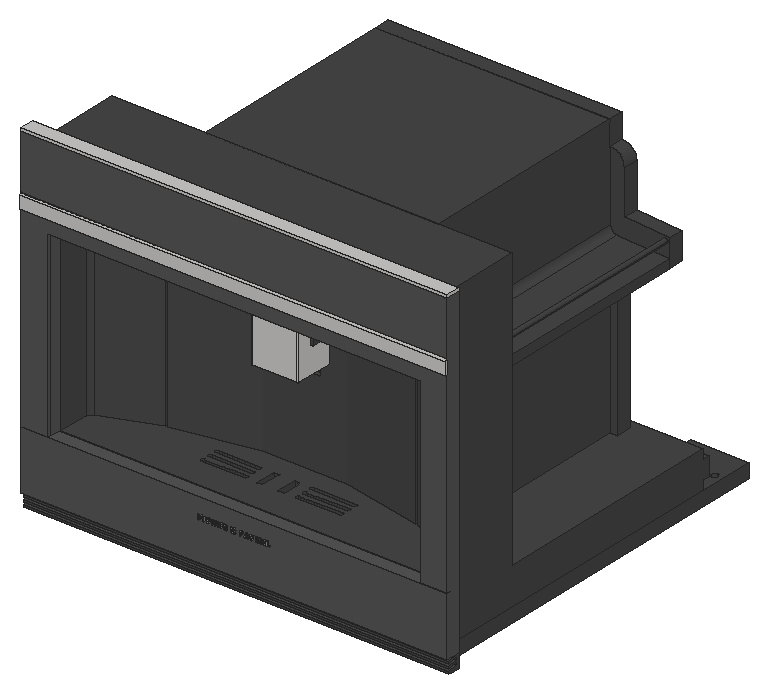
Revit family "FP_Revit_18_EB60DSXB2_w_TK480NDB1_Coffee_Maker_w_60cm_Trimkit_90000809A", category Specialty Equipment, Revit 2018
Family settings
  Round Connector Dimension = Use Diameter
  Part Type = Normal
  OmniClass Number = 23.40.40.14.17.31
  OmniClass Title = Small Specialized Cooking Equipment
  Work Plane-Based = No
  Always vertical = Yes
  Cut with Voids When Loaded = Yes
  Shared = No
  Room Calculation Point = No
Parameters (values of type "EB60DSXB2 + TK480NDB1")
  Visibility - Clearance Required = yes
  URL = "www.fisherpaykel.com"
  Product - Width = 596 mm  # constant formula
  Product - Height = 478 mm  # constant formula
  Product - Depth = 614 mm  # constant formula
  Model = "EB60DSXB2 + TK480NDB1"
  Material - Trim = Fisher & Paykel - Stainless Steel
  Material - Glass = Fisher & Paykel - Glass, Black
  Material - Body = Fisher & Paykel - Black
  Manufacturer = "Fisher & Paykel Appliances"
  FFL Offset [instance] = 900 mm
  Description = "60cm Coffee Maker + 60cm Trimkit"
  Connector Description - Electrical = "220-240 V, 50 Hz, 6.1 A"
  Chassis - Width = 560 mm  # constant formula
  Chassis - Height = 466 mm  # constant formula
  Chassis - Depth = 542 mm  # constant formula
  Cavity - Width = 560 mm  # constant formula
  Cavity - Height = 480 mm  # constant formula
  Cavity - Depth = 560 mm  # constant formula
Reference planes
  plane 1 "Datum": y = 0
  plane 2: z = 0
  plane 3 "Center (Left/Right)": x = 0
  plane 4: z = 1380
  plane 5: z = 1378
  plane 6 "Product LHS": x = -298
  plane 7 "Product RHS": x = 298
  plane 8 "Product - Depth": y = 0
  plane 9 "Cavity LHS": x = -300
  plane 10 "Cavity RHS": x = 300
  plane 11 "Cavity - Depth": y = 560
  plane 12 "Chassis - Height": z = 0
  plane 13 "Product Depth": y = 542
  plane 14 "FFL Offset": z = 900
  plane 15 "Front": y = -20
Forms (mm)
  Extrusion 1, void
    sketch origin (0, 0, 0) x (0, 1, 0) y (0, 0, 1)
      loop
        line (-20, 1380) -> (-20, 900) -> (0, 900) -> (0, 1380) -> (-20, 1380)
    from -300 to 300
  Extrusion 2, void
    sketch origin (0, 0, 0) x (0, 1, 0) y (0, 0, 1)
      loop
        line (560, 1380) -> (0, 1380) -> (0, 900) -> (560, 900) -> (560, 1380)
    from -280 to 280
Text (mm)
  text "Due to ongoing product development, product details are subject to change without notice. \nPlease always refer to www.fisherpaykel.com for the most current product information. \n© Fisher & Paykel 2020" at (41.04, -413.295, 0), in view "Ref. Level (Plan)"
Dimensions and locks
  equal spacing: plane 6 "Product LHS", plane 3 "Center (Left/Right)", plane 7 "Product RHS"
  "Product - Width": plane 6 "Product LHS" to plane 7 "Product RHS"
  equal spacing: plane 9 "Cavity LHS", plane 3 "Center (Left/Right)", plane 10 "Cavity RHS"
  locked: plane 9 "Cavity LHS" to plane 10 "Cavity RHS" at 600
  "Chassis - Depth": plane 1 "Datum" to plane 13 "Product Depth"
  "FFL Offset": plane 14 "FFL Offset" to level
  "Cavity - Depth": plane 1 "Datum" to plane 11 "Cavity - Depth"
  "Product - Height": plane 5 to plane 14 "FFL Offset"
  "Cavity - Height": plane 4 to plane 14 "FFL Offset"
  "Cavity - Width": Extrusion 2 to Extrusion 2
  aligned and locked: level to plane 2
  aligned and locked: nested 2 to plane 8 "Product - Depth"
  aligned and locked: Extrusion 1 sketch curve to plane 8 "Product - Depth"
  aligned and locked: plane 14 "FFL Offset" to Extrusion 1 sketch curve
  aligned and locked: Extrusion 1 sketch curve to plane 4
  aligned and locked: Extrusion 1 to plane 10 "Cavity RHS"
  aligned and locked: plane 9 "Cavity LHS" to Extrusion 1
  aligned and locked: Extrusion 2 sketch curve to plane 8 "Product - Depth"
  aligned and locked: Extrusion 2 sketch curve to plane 14 "FFL Offset"
  aligned and locked: plane 11 "Cavity - Depth" to Extrusion 2 sketch curve
  aligned and locked: Extrusion 2 sketch curve to nested 2
  aligned and locked: nested 1 to plane 8 "Product - Depth"
  aligned and locked: Extrusion 1 to nested 1
  aligned and locked: plane 15 "Front" to Extrusion 1
Automatic sketch dimensions
  Extrusion 1 sketch curve to Extrusion 1 sketch curve = 20 mm
Nested families
  nested 1: "FP_Revit_18_EB60DSXB2_Coffee_Maker_90000809A" at (0, 0, 20), FFL Offset <- "FFL Offset", type "EB60DSXB2"
    with FFL Offset 900 mm
  nested 2: "FP_Revit_18_TK480ND_Trimkits_90001188A" at (0, 0, 0), FFL Offset <- "FFL Offset", type "TK480NDB1"
    with FFL Offset 900 mm
Connectors
  electrical at (95.857, 430.81, 1063), driven by "Connector Description - Electrical"
    settings: on nested 1, index 1, voltage 230 V, apparent load 0 VA, apparent load phase1 0 VA, apparent load phase2 0 VA, apparent load phase3 0 VA, power factor 1, load classification "Other", number of poles 1, system type 30, power factor state 1, is connector primary yes, connector utility no, sub classification motor no, connector description "220-240 V, 50 Hz, 6.1 A"
Definition of nested family "FP_Revit_18_EB60DSXB2_Coffee_Maker_90000809A"
  Parameters (values of type "EB24DSXB1")
    Visibility - Clearance Required = yes
    URL = "www.fisherpaykel.com"
    Product - Width = 596 mm  # constant formula
    Product - Height = 458 mm  # constant formula
    Product - Depth = 480 mm  # constant formula
    Model = "EB24DSXB1"
    Material - Trim = none
    Material - Glass = none
    Material - Body = none
    Manufacturer = "Fisher & Paykel Appliances"
    FFL Offset [instance] = 860 mm
    Description = "24cm Coffee Maker"
    Connector Description - Electrical = "120 V, 60 Hz, 11.25 A"
    Chassis - Width = 560 mm  # constant formula
    Chassis - Height = 445 mm  # constant formula
    Chassis - Depth = 460 mm  # constant formula
    Cavity - Width = 600 mm  # constant formula
    Cavity - Height = 460 mm  # constant formula
    Cavity - Depth = 545 mm  # constant formula
  Types (4, lengths in mm): name | Model | Description | Connector Description - Electrical
    EB60DSXBB1 | "EB60DSXBB1" | "60cm Coffee Maker" | "220-240 V, 50 Hz, 6.1 A"
    EB60DSXB2 | "EB60DSXB2" | "60cm Coffee Maker" | "220-240 V, 50 Hz, 6.1 A"
    EB24DSXBB1 | "EB24DSXBB1" | "24cm Coffee Maker" | "120 V, 60 Hz, 11.25 A"
    EB24DSXB1 | "EB24DSXB1" | "24cm Coffee Maker" | "120 V, 60 Hz, 11.25 A"
  Reference planes
    plane 1 "Center (Front/Back)": y = 0
    plane 2: z = 0
    plane 3 "Center (Left/Right)": x = 0
    plane 4: z = 1320
    plane 5: z = 1318
    plane 6 "Product LHS": x = -298
    plane 7 "Product RHS": x = 298
    plane 8 "Cavity LHS": x = -300
    plane 9 "Cavity RHS": x = 300
    plane 10 "Cavity - Depth": y = 545
    plane 11 "Front Face": y = -20
    plane 12 "Product Depth": y = 460
    plane 13 "FFL Offset": z = 860
  Forms (mm)
    Extrusion 1, solid, material <- "Material - Glass", detail levels fine
      sketch origin (0, 0, 915) x (0, 1, 0) y (0, 0, 1)
        loop
          line (0, -54) -> (0, 400) -> (-18.19, 400)
          arc (-18.19, 400) -> (-19.179, 399.792) -> (-20, 399.202) r 2.451
          line (-20, 399.202) -> (-20, 28.9) -> (-13, 28.9) -> (-13, 27.85) -> (-20, 27.85) -> (-20, -54) -> (0, -54)
      from -298 to 298
    Extrusion 2, solid, material <- "Material - Trim", detail levels fine
      sketch origin (0, 0, 0) x (0, 1, 0) y (0, 0, 1)
        loop
          line (0, 1318) -> (-20, 1318) -> (-20, 1315) -> (0, 1315) -> (0, 1318)
      from -298 to 298
    Extrusion 3, solid, material <- "Material - Trim", detail levels fine
      sketch origin (0, 0, 915) x (0, 1, 0) y (0, 0, 1)
        loop
          line (-20, 303) -> (-20, 322.8) -> (-20.827, 322.8) -> (-21.702, 320.52) -> (-21.702, 303) -> (-20, 303)
      from -298 to 298
    Extrusion 4, solid, material <- "Material - Body"
      sketch origin (0, 0, 0) x (0, 1, 0) y (0, 0, 1)
        loop
          line (116.01, 911.9) -> (116.01, 1305) -> (0, 1305) -> (0, 860) -> (450.02, 860) -> (450.02, 872.9) -> (460, 872.9) -> (460, 898.96) -> (450.02, 898.96) -> (450.02, 911.9) -> (116.01, 911.9)
      from -280 to 280
    Extrusion 5, solid, material <- "Material - Body", detail levels fine
      sketch origin (0, 0, 915) x (1, 0, 0) y (0, 0, 1)
        loop
          circle (255.488, 264.858) r 3
        loop
          arc (187.564, 248.08) -> (180.801, 250.881) -> (178, 257.644) r 9.564
          line (178, 257.644) -> (178, 390) -> (-150, 390) -> (-150, 258.403)
          arc (-150, 258.403) -> (-152.821, 251.442) -> (-159.691, 248.408) r 10
          line (-159.691, 248.408) -> (-261.967, 245.247) -> (-261.967, 232.285) -> (-159.605, 228.24)
          arc (-159.605, 228.24) -> (-152.791, 225.178) -> (-150, 218.248) r 10
          line (-150, 218.248) -> (-150, -3.1) -> (178, -3.1) -> (178, 219.061)
          arc (178, 219.061) -> (180.801, 225.824) -> (187.564, 228.625) r 9.564
          line (187.564, 228.625) -> (261.48, 231.852) -> (261.48, 244.856) -> (187.564, 248.08)
        loop
          circle (-255.488, 265.27) r 3
      from -415.81 to -116.01
    Extrusion 6, solid, material <- "Material - Body", detail levels fine
      sketch origin (0, 0, 0) x (1, 0, 0) y (0, 0, 1)
        loop
          line (261.48, 1185.549) -> (197.977, 1189.414) -> (197.977, 1250.8)
          arc (197.977, 1250.8) -> (192.126, 1264.926) -> (178, 1270.777) r 19.977
          line (178, 1270.777) -> (178, 1305) -> (-150.023, 1305) -> (-150.023, 1270.366)
          arc (-150.023, 1270.366) -> (-164.149, 1264.514) -> (-170, 1250.389) r 19.977
          line (-170, 1250.389) -> (-170, 1189.558) -> (-261.967, 1185.943) -> (-261.967, 1147.299) -> (-170, 1143.699) -> (-170, 860) -> (-120, 860) -> (-120, 1262.538) -> (145.224, 1262.538) -> (145.224, 911.9) -> (188.072, 911.9) -> (188.072, 1143.699) -> (261.48, 1146.905) -> (261.48, 1185.549)
      from -436.81 to -415.81
    Extrusion 7, void
      sketch origin (0, 0, 0) x (1, 0, 0) y (0, 1, 0)
        loop
          line (-261, -20.25) -> (261, -20.25) -> (261, -16.15) -> (258.097, 43.307)
          arc (258.097, 43.307) -> (256.532, 47.844) -> (252.912, 50.994) r 9.287
          arc (252.912, 50.994) -> (215.2, 66.982) -> (176.484, 80.359) r 600.007
          line (176.484, 80.359) -> (176.484, 87.818) -> (173.853, 87.818) -> (173.853, 81.162)
          arc (173.853, 81.162) -> (0, 106.902) -> (-173.853, 81.162) r 600.007
          line (-173.853, 81.162) -> (-173.853, 87.818) -> (-176.484, 87.818) -> (-176.484, 80.359)
          arc (-176.484, 80.359) -> (-215.2, 66.982) -> (-252.912, 50.994) r 600.007
          arc (-252.912, 50.994) -> (-256.532, 47.844) -> (-258.097, 43.307) r 9.287
          line (-258.097, 43.307) -> (-261, -16.15) -> (-261, -20.25)
      from 942.8 to 1197.8
    Extrusion 8, void
      sketch origin (0, 0, 0) x (1, 0, 0) y (0, 1, 0)
        loop
          arc (-96.162, 73.7) -> (-99.162, 70.7) -> (-96.162, 67.7) r 3
          line (-96.162, 67.7) -> (-36.788, 67.7)
          arc (-36.788, 67.7) -> (-33.788, 70.7) -> (-36.788, 73.7) r 3
          line (-36.788, 73.7) -> (-96.162, 73.7)
        loop
          arc (-96.162, 61.7) -> (-99.162, 58.7) -> (-96.162, 55.7) r 3
          line (-96.162, 55.7) -> (-36.788, 55.7)
          arc (-36.788, 55.7) -> (-33.788, 58.7) -> (-36.788, 61.7) r 3
          line (-36.788, 61.7) -> (-96.162, 61.7)
        loop
          arc (-96.162, 49.7) -> (-99.162, 46.7) -> (-96.162, 43.7) r 3
          line (-96.162, 43.7) -> (-36.788, 43.7)
          arc (-36.788, 43.7) -> (-33.788, 46.7) -> (-36.788, 49.7) r 3
          line (-36.788, 49.7) -> (-96.162, 49.7)
        loop
          line (-19.49, 73.102) -> (-19.49, 44.102) -> (-10.49, 44.102) -> (-10.49, 73.102) -> (-19.49, 73.102)
        loop
          line (96.162, 73.7) -> (36.788, 73.7)
          arc (36.788, 73.7) -> (33.788, 70.7) -> (36.788, 67.7) r 3
          line (36.788, 67.7) -> (96.162, 67.7)
          arc (96.162, 67.7) -> (99.162, 70.7) -> (96.162, 73.7) r 3
        loop
          line (96.162, 61.7) -> (36.788, 61.7)
          arc (36.788, 61.7) -> (33.788, 58.7) -> (36.788, 55.7) r 3
          line (36.788, 55.7) -> (96.162, 55.7)
          arc (96.162, 55.7) -> (99.162, 58.7) -> (96.162, 61.7) r 3
        loop
          line (96.162, 49.7) -> (36.788, 49.7)
          arc (36.788, 49.7) -> (33.788, 46.7) -> (36.788, 43.7) r 3
          line (36.788, 43.7) -> (96.162, 43.7)
          arc (96.162, 43.7) -> (99.162, 46.7) -> (96.162, 49.7) r 3
        loop
          line (19.49, 73.102) -> (10.49, 73.102) -> (10.49, 44.102) -> (19.49, 44.102) -> (19.49, 73.102)
      from 932.9 to 942.8
    Extrusion 9, solid, material <- "Material - Body"
      sketch origin (0, 0, 0) x (1, 0, 0) y (0, 1, 0)
        loop
          line (-238.877, 57.3) -> (238.036, 57.3) -> (238.036, 116.01) -> (-238.877, 116.01) -> (-238.877, 57.3)
      from 1171.8 to 1197.8
    Extrusion 10, solid, material <- "Material - Trim"
      sketch origin (0, 0, 0) x (1, 0, 0) y (0, 1, 0)
        loop
          line (-33, 105.99) -> (-33, 52.807)
          arc (-33, 52.807) -> (-32.412, 51.388) -> (-30.993, 50.8) r 2.007
          line (-30.993, 50.8) -> (31, 50.8)
          arc (31, 50.8) -> (32.414, 51.386) -> (33, 52.8) r 2
          line (33, 52.8) -> (33, 105.99) -> (-33, 105.99)
      from 1083.8 to 1183.5
    Extrusion 11, void
      sketch origin (0, 0, 0) x (1, 0, 0) y (0, 0, 1)
        loop
          line (-19.5, 1083.8) -> (-19.5, 1061.827) -> (19.5, 1061.827) -> (19.5, 1083.8) -> (-19.5, 1083.8)
      from -115 to -105
    Extrusion 12, solid, material <- "Material - Body", detail levels fine
      sketch origin (0, 0, 0) x (1, 0, 0) y (0, 0, 1)
        loop
          line (45.9, 1172.885) -> (45.9, 1163.535) -> (47.549, 1163.535) -> (47.549, 1147.911)
          arc (47.549, 1147.911) -> (55.35, 1140.11) -> (63.15, 1147.911) r 7.801
          line (63.15, 1147.911) -> (63.15, 1163.235) -> (73.436, 1163.235) -> (73.436, 1172.885) -> (45.9, 1172.885)
      from -106.934 to -61.01
    Extrusion 13, solid, material <- "Material - Body", detail levels fine
      sketch origin (0, 0, 915) x (1, 0, 0) y (0, 0, 1)
        loop
          line (53.653, 257.885) -> (53.653, 225.297)
          arc (53.653, 225.297) -> (55.35, 225.11) -> (57.047, 225.297) r 7.805
          line (57.047, 225.297) -> (57.047, 257.885) -> (53.653, 257.885)
      from -61.01 to -47.51
    Extrusion 14, solid, material <- "Material - Body", detail levels fine
      sketch origin (0, 0, 915) x (1, 0, 0) y (0, 0, 1)
        loop
          line (115.224, 76.056) -> (75.224, 76.056) -> (75.224, 21.056) -> (115.224, 21.056) -> (115.224, 76.056)
      from -417 to -415.81
    Extrusion 15, solid, material <- "Material - Body", detail levels fine
      sketch origin (0, 0, 915) x (1, 0, 0) y (0, 0, 1)
        loop
          line (107.224, 68.056) -> (83.224, 68.056) -> (83.224, 29.056) -> (107.224, 29.056) -> (107.224, 68.056)
      from -436.81 to -417
    Extrusion 16, solid, material <- "Material - Body", detail levels fine
      sketch origin (0, 0, 0) x (1, 0, 0) y (0, 1, 0)
        loop
          circle (95.857, 430.81) r 5
      from 983.056 to 1003
    Extrusion 17, void
      sketch origin (0, 0, 915) x (0, 1, 0) y (0, 0, 1)
        loop
          line (445.9, -19.903) -> (0, -19.903) -> (0, -55) -> (445.9, -55) -> (445.9, -19.903)
      from -54 to 54
    Extrusion 18, solid, detail levels fine
      sketch origin (0, 0, 0) x (1, 0, 0) y (0, 1, 0)
        loop
          line (-210.55, 31.63) -> (-210.55, 5.8) -> (-193.27, 5.8) -> (-193.27, 31.63) -> (-210.55, 31.63)
        loop
          line (-203.25, 13.924) -> (-203.25, 14.725)
          arc (-203.25, 14.725) -> (-201.75, 22.856) -> (-200.25, 14.725) r 4.204
          line (-200.25, 14.725) -> (-200.25, 13.924)
          arc (-200.25, 13.924) -> (-201.75, 23.687) -> (-203.25, 13.924) r 4.997
        loop
          line (-202.15, 17.61) -> (-202.15, 12.8) -> (-201.35, 12.8) -> (-201.35, 17.61) -> (-202.15, 17.61)
      from 1196.9 to 1197.8
    Extrusion 19, solid, visible <- "Visibility - Clearance Required", detail levels coarse
      sketch origin (0, 0, 0) x (1, 0, 0) y (0, 1, 0)
        loop
          line (-300, 0) -> (-300, -20) -> (300, -20) -> (300, 0) -> (-300, 0)
      from 860 to 1320
    Extrusion 20, solid, visible <- "Visibility - Clearance Required", detail levels coarse
      sketch origin (0, 0, 0) x (1, 0, 0) y (0, 1, 0)
        loop
          line (-280, 0) -> (280, 0) -> (280, 545) -> (-280, 545) -> (-280, 0)
      from 860 to 1310
    Extrusion 21, solid, material <- "Material - Body", detail levels coarse+medium
      sketch origin (0, -20, 915) x (-1, 0, 0) y (0, 0, 1)
        loop
          line (-197.977, 274.414) -> (-261.48, 274.414) -> (-261.48, 228.699) -> (-188.072, 228.699) -> (-188.072, -3.1) -> (170, -3.1) -> (170, 228.699) -> (261.967, 228.699) -> (261.967, 274.558) -> (170, 274.558) -> (170, 390.05) -> (-197.977, 390.05) -> (-197.977, 274.414)
      from 136.01 to 456.81
    Extrusion 22, solid, material <- "Material - Glass", detail levels coarse+medium
      sketch origin (0, 0, 915) x (1, 0, 0) y (0, 0, 1)
        loop
          line (-298, -54) -> (298, -54) -> (298, 403) -> (-298, 403) -> (-298, -54)
        loop
          line (261, 282.85) -> (-261, 282.85) -> (-261, 27.85) -> (261, 27.85) -> (261, 282.85)
      from 0 to 20
    Extrusion 23, void
      sketch origin (0, 0, 0) x (1, 0, 0) y (0, 1, 0)
        loop
          line (-280, 545) -> (-280, 0) -> (280, 0) -> (280, 545) -> (-280, 545)
      from 860 to 1310
    Extrusion 24, void
      sketch origin (0, 0, 0) x (1, 0, 0) y (0, 1, 0)
        loop
          line (-300, 0) -> (-300, -20) -> (300, -20) -> (300, 0) -> (-300, 0)
      from 860 to 1320
  Cuts and joins
    Extrusion 7 cuts Extrusion 1
    Extrusion 7, Extrusion 8, Extrusion 11, Extrusion 17 cuts Extrusion 4
    joined: Extrusion 4, Extrusion 9
  Lines and regions (mm)
    model lines, detail levels medium+fine
      curve 1: line (-47, -20, 1293.952) -> (47, -20, 1293.952)
      curve 2: line (-47, -20, 1240.952) -> (-47, -20, 1293.952)
      curve 3: line (47, -20, 1240.952) -> (-47, -20, 1240.952)
      curve 4: line (47, -20, 1293.952) -> (47, -20, 1240.952)
  Text (mm)
    text "Due to ongoing product development, product details are subject to change without notice. \nPlease always refer to www.fisherpaykel.com for the most current product information. \n© Fisher & Paykel 2020" at (41.04, -248.295, 0), in view "Ref. Level (Plan)"
  Dimensions and locks
    equal spacing: plane 6 "Product LHS", plane 3 "Center (Left/Right)", plane 7 "Product RHS"
    "Product - Width": plane 6 "Product LHS" to plane 7 "Product RHS"
    equal spacing: plane 8 "Cavity LHS", plane 3 "Center (Left/Right)", plane 9 "Cavity RHS"
    "Cavity - Width": plane 8 "Cavity LHS" to plane 9 "Cavity RHS"
    "Cavity - Depth": plane 10 "Cavity - Depth" to plane 1 "Center (Front/Back)"
    plane 11 "Front Face" to plane 1 "Center (Front/Back)" = 20 mm
    "Chassis - Depth": plane 1 "Center (Front/Back)" to plane 12 "Product Depth"
    "Product - Depth": plane 12 "Product Depth" to plane 11 "Front Face"
    "Chassis - Width": cut or joined group of Extrusion 4, Extrusion 7, Extrusion 8, Extrusion 9, Extrusion 11, Extrusion 17 to cut or joined group of Extrusion 4, Extrusion 7, Extrusion 8, Extrusion 9, Extrusion 11, Extrusion 17
    "FFL Offset": plane 13 "FFL Offset" to level
    "Chassis - Height": cut or joined group of Extrusion 4, Extrusion 7, Extrusion 8, Extrusion 9, Extrusion 11, Extrusion 17 to plane 13 "FFL Offset"
    "Product - Height": plane 5 to plane 13 "FFL Offset"
    "Cavity - Height": plane 4 to plane 13 "FFL Offset"
    locked: Extrusion 23 to plane 13 "FFL Offset" at 450
    locked: plane 5 to Extrusion 21 at 12.95
    locked: Extrusion 3 to plane 13 "FFL Offset" at 358
    locked: plane 13 "FFL Offset" to cut or joined group of Extrusion 1, Extrusion 7 at 1
    locked: plane 13 "FFL Offset" to cut or joined group of Extrusion 4, Extrusion 7, Extrusion 8, Extrusion 9, Extrusion 11, Extrusion 17 at 82.8
    locked: plane 13 "FFL Offset" to Extrusion 22 sketch curve at 337.85
    locked: cut or joined group of Extrusion 4, Extrusion 7, Extrusion 8, Extrusion 9, Extrusion 11, Extrusion 17 to plane 13 "FFL Offset" at 337.8
    locked: cut or joined group of Extrusion 4, Extrusion 7, Extrusion 8, Extrusion 9, Extrusion 11, Extrusion 17 to plane 13 "FFL Offset" at 51.9
    locked: plane 5 to Extrusion 3 at 100
    locked: plane 5 to Extrusion 22 at 120.15
    locked: plane 5 to Extrusion 22 at 375.15
    locked: Extrusion 16 to plane 13 "FFL Offset" at 143
    locked: cut or joined group of Extrusion 4, Extrusion 7, Extrusion 8, Extrusion 9, Extrusion 11, Extrusion 17 to cut or joined group of Extrusion 4, Extrusion 7, Extrusion 8, Extrusion 9, Extrusion 11, Extrusion 17 at 9.9
    locked: nested 1 to plane 13 "FFL Offset" at 61.04
    locked: Extrusion 10 to plane 13 "FFL Offset" at 323.5
    locked: Extrusion 10 to plane 13 "FFL Offset" at 223.8
    locked: cut or joined group of Extrusion 4, Extrusion 7, Extrusion 8, Extrusion 9, Extrusion 11, Extrusion 17 to plane 13 "FFL Offset" at 201.827
    locked: cut or joined group of Extrusion 4, Extrusion 7, Extrusion 8, Extrusion 9, Extrusion 11, Extrusion 17 to plane 13 "FFL Offset" at 311.8
    locked: Extrusion 12 to plane 13 "FFL Offset" at 312.885
    locked: Extrusion 22 to Extrusion 18 at 0.95
    locked: plane 5 to Extrusion 23 at 8
    locked: Extrusion 17 sketch curve to plane 13 "FFL Offset" at 35.097
    plane 5 to curve 3 = 77.048 mm
    locked: plane 5 to curve 1 at 24.048
    locked: Extrusion 15 to plane 13 "FFL Offset" at 84.056
    locked: Extrusion 15 to plane 13 "FFL Offset" at 123.056
    locked: plane 5 to curve 3 at 77.048
    aligned and locked: level to plane 2
    aligned and locked: Extrusion 3 to plane 7 "Product RHS"
    aligned and locked: plane 6 "Product LHS" to Extrusion 3
    aligned and locked: Extrusion 2 to plane 7 "Product RHS"
    aligned and locked: plane 6 "Product LHS" to Extrusion 2
    aligned and locked: plane 6 "Product LHS" to Extrusion 1
    aligned and locked: Extrusion 1 to plane 7 "Product RHS"
    aligned and locked: plane 9 "Cavity RHS" to Extrusion 19 sketch curve
    aligned and locked: Extrusion 19 sketch curve to plane 8 "Cavity LHS"
    aligned and locked: plane 1 "Center (Front/Back)" to Extrusion 19 sketch curve
    aligned and locked: Extrusion 5 to cut or joined group of Extrusion 4, Extrusion 7, Extrusion 8, Extrusion 9, Extrusion 11, Extrusion 17
    aligned and locked: Extrusion 5 to Extrusion 4
    aligned and locked: Extrusion 6 to Extrusion 5
    aligned and locked: plane 4 to Extrusion 24
    aligned and locked: plane 5 to Extrusion 2
    aligned and locked: Extrusion 24 to Extrusion 19
    aligned and locked: plane 5 to Extrusion 22 sketch curve
    aligned and locked: Extrusion 21 to Extrusion 5
    aligned and locked: Extrusion 5 to Extrusion 6
    aligned and locked: Extrusion 8 to Extrusion 7
    aligned and locked: Extrusion 11 to Extrusion 10
    aligned and locked: cut or joined group of Extrusion 1, Extrusion 7 to Extrusion 18
    aligned and locked: Extrusion 19 to Extrusion 17
    aligned and locked: plane 13 "FFL Offset" to Extrusion 4 sketch curve
    aligned and locked: Extrusion 4 to Extrusion 17
    aligned and locked: Extrusion 23 to cut or joined group of Extrusion 4, Extrusion 7, Extrusion 8, Extrusion 9, Extrusion 11, Extrusion 17
    aligned and locked: cut or joined group of Extrusion 4, Extrusion 7, Extrusion 8, Extrusion 9, Extrusion 11, Extrusion 17 to Extrusion 6
    aligned and locked: Extrusion 24 to cut or joined group of Extrusion 4, Extrusion 7, Extrusion 8, Extrusion 9, Extrusion 11, Extrusion 17
    aligned and locked: Extrusion 20 to Extrusion 23
    aligned and locked: Extrusion 20 to Extrusion 6
    aligned and locked: Extrusion 7 to Extrusion 9
    aligned and locked: Extrusion 16 to Extrusion 15
  Automatic sketch dimensions
    Extrusion 3 sketch curve to Extrusion 3 sketch curve = 17.52 mm
    Extrusion 3 sketch curve to Extrusion 3 sketch curve = 0.875 mm
    Extrusion 3 sketch curve to Extrusion 3 sketch curve = 0.827 mm
    Extrusion 3 sketch curve to Extrusion 3 sketch curve = 2.28 mm
    Extrusion 7 sketch curve to Extrusion 7 sketch curve = 0 mm  (x4)
    Extrusion 7 sketch curve to plane 3 "Center (Left/Right)" = 0 mm
    Extrusion 7 sketch curve to plane 6 "Product LHS" = 124.147 mm
    Extrusion 7 sketch curve to Extrusion 7 sketch curve = 2.63 mm  (x2)
    Extrusion 7 sketch curve to plane 6 "Product LHS" = 49.167 mm
    Extrusion 7 sketch curve to Extrusion 7 sketch curve = 9.264 mm  (x2)
    Extrusion 7 sketch curve to plane 6 "Product LHS" = 37 mm
    plane 7 "Product RHS" to Extrusion 7 sketch curve = 124.147 mm
    plane 7 "Product RHS" to Extrusion 7 sketch curve = 49.167 mm
    plane 1 "Center (Front/Back)" to Extrusion 7 sketch curve = 16.15 mm
    plane 7 "Product RHS" to Extrusion 7 sketch curve = 37 mm
    plane 1 "Center (Front/Back)" to Extrusion 7 sketch curve = 493.105 mm
    Extrusion 7 sketch curve to plane 1 "Center (Front/Back)" = 42.65 mm  (x2)
    Extrusion 7 sketch curve to Extrusion 7 sketch curve = 0.657 mm  (x2)
    Extrusion 7 sketch curve to plane 1 "Center (Front/Back)" = 80.359 mm  (x2)
    Extrusion 7 sketch curve to Extrusion 7 sketch curve = 0.803 mm
    Extrusion 7 sketch curve to Extrusion 7 sketch curve = 6.656 mm  (x2)
    Extrusion 7 sketch curve to Extrusion 7 sketch curve = 4.1 mm  (x2)
    Extrusion 8 sketch curve to plane 3 "Center (Left/Right)" = 96.162 mm
    Extrusion 8 sketch curve to Extrusion 8 sketch curve = 0 mm  (x9)
    Extrusion 8 sketch curve to plane 3 "Center (Left/Right)" = 36.788 mm
    Extrusion 8 sketch curve to Extrusion 8 sketch curve = 17.298 mm  (x3)
    Extrusion 8 sketch curve to Extrusion 8 sketch curve = 9 mm  (x2)
    plane 3 "Center (Left/Right)" to Extrusion 8 sketch curve = 10.49 mm
    Extrusion 8 sketch curve to Extrusion 8 sketch curve = 59.375 mm
    Extrusion 8 sketch curve to plane 1 "Center (Front/Back)" = 43.7 mm  (x2)
    Extrusion 8 sketch curve to Extrusion 8 sketch curve = 0.402 mm
    Extrusion 8 sketch curve to Extrusion 8 sketch curve = 3 mm  (x6)
    Extrusion 8 sketch curve to Extrusion 8 sketch curve = 6 mm  (x4)
    Extrusion 8 sketch curve to Extrusion 8 sketch curve = 0.598 mm
    Extrusion 10 sketch curve to Extrusion 10 sketch curve = 2.007 mm
    Extrusion 10 sketch curve to Extrusion 10 sketch curve = 53.19 mm
    Extrusion 11 sketch curve to plane 3 "Center (Left/Right)" = 19.5 mm
    plane 3 "Center (Left/Right)" to Extrusion 11 sketch curve = 19.5 mm
    level to Extrusion 11 sketch curve = 1061.827 mm
    Extrusion 11 sketch curve to Extrusion 11 sketch curve = 21.973 mm
    Extrusion 12 sketch curve to Extrusion 12 sketch curve = 1.649 mm
    Extrusion 12 sketch curve to Extrusion 12 sketch curve = 7.801 mm
    Extrusion 12 sketch curve to Extrusion 12 sketch curve = 10.286 mm
    Extrusion 12 sketch curve to Extrusion 12 sketch curve = 15.324 mm
    Extrusion 12 sketch curve to Extrusion 12 sketch curve = 0.3 mm
    Extrusion 12 sketch curve to Extrusion 12 sketch curve = 9.35 mm
    Extrusion 13 sketch curve to Extrusion 13 sketch curve = 1.697 mm
    Extrusion 13 sketch curve to Extrusion 13 sketch curve = 7.618 mm
    Extrusion 13 sketch curve to Extrusion 13 sketch curve = 24.97 mm
    Extrusion 13 sketch curve to Extrusion 13 sketch curve = 3.394 mm
    Extrusion 14 sketch curve to Extrusion 14 sketch curve = 40 mm
    Extrusion 14 sketch curve to Extrusion 14 sketch curve = 55 mm
    Extrusion 15 sketch curve to Extrusion 15 sketch curve = 24 mm
    Extrusion 15 sketch curve to Extrusion 15 sketch curve = 39 mm
    level to Extrusion 17 sketch curve = 860 mm
    Extrusion 17 sketch curve to plane 1 "Center (Front/Back)" = 0 mm
    Extrusion 18 sketch curve to Extrusion 18 sketch curve = 7.3 mm
    Extrusion 18 sketch curve to Extrusion 18 sketch curve = 1.1 mm  (x2)
    Extrusion 18 sketch curve to Extrusion 18 sketch curve = 0.4 mm
    Extrusion 18 sketch curve to Extrusion 18 sketch curve = 0 mm
    Extrusion 18 sketch curve to Extrusion 18 sketch curve = 0.8 mm
    Extrusion 18 sketch curve to Extrusion 18 sketch curve = 8.08 mm
    Extrusion 18 sketch curve to Extrusion 18 sketch curve = 7 mm
    Extrusion 18 sketch curve to Extrusion 18 sketch curve = 1.124 mm
    Extrusion 18 sketch curve to Extrusion 18 sketch curve = 0.801 mm
    Extrusion 18 sketch curve to Extrusion 18 sketch curve = 2.885 mm
    Extrusion 18 sketch curve to Extrusion 18 sketch curve = 1.042 mm
    Extrusion 18 sketch curve to Extrusion 18 sketch curve = 0.038 mm
    Extrusion 18 sketch curve to Extrusion 18 sketch curve = 12.94 mm
    Extrusion 9 sketch curve to plane 6 "Product LHS" = 59.123 mm
    Extrusion 9 sketch curve to plane 1 "Center (Front/Back)" = 57.3 mm
    plane 7 "Product RHS" to Extrusion 9 sketch curve = 59.964 mm
    Extrusion 9 sketch curve to Extrusion 9 sketch curve = 58.71 mm
    plane 1 "Center (Front/Back)" to Extrusion 19 sketch curve = 20 mm
    Extrusion 17 sketch curve to plane 10 "Cavity - Depth" = 99.1 mm
    Extrusion 6 sketch curve to plane 6 "Product LHS" = 36.033 mm
    level to Extrusion 6 sketch curve = 860 mm
    Extrusion 6 sketch curve to plane 6 "Product LHS" = 128 mm
    Extrusion 6 sketch curve to Extrusion 6 sketch curve = 0 mm
    Extrusion 6 sketch curve to Extrusion 6 sketch curve = 19.977 mm
    Extrusion 6 sketch curve to Extrusion 6 sketch curve = 30.023 mm
    level to Extrusion 6 sketch curve = 911.9 mm
    plane 3 "Center (Left/Right)" to Extrusion 6 sketch curve = 145.224 mm
    Extrusion 6 sketch curve to plane 5 = 13 mm
    Extrusion 6 sketch curve to Extrusion 6 sketch curve = 32.776 mm
    Extrusion 6 sketch curve to Extrusion 6 sketch curve = 10.072 mm
    Extrusion 6 sketch curve to Extrusion 6 sketch curve = 9.905 mm
    plane 7 "Product RHS" to Extrusion 6 sketch curve = 36.52 mm
    Extrusion 6 sketch curve to Extrusion 6 sketch curve = 161.301 mm  (x2)
    Extrusion 6 sketch curve to Extrusion 6 sketch curve = 3.205 mm
    Extrusion 6 sketch curve to Extrusion 6 sketch curve = 3.6 mm
    Extrusion 6 sketch curve to Extrusion 6 sketch curve = 38.645 mm
    Extrusion 6 sketch curve to Extrusion 6 sketch curve = 38.644 mm
    Extrusion 6 sketch curve to Extrusion 6 sketch curve = 45.715 mm
    Extrusion 6 sketch curve to Extrusion 6 sketch curve = 45.858 mm
    Extrusion 6 sketch curve to Extrusion 6 sketch curve = 54.611 mm
    Extrusion 6 sketch curve to Extrusion 6 sketch curve = 54.2 mm
    Extrusion 6 sketch curve to Extrusion 6 sketch curve = 7.828 mm
    Extrusion 5 sketch curve to plane 6 "Product LHS" = 36.033 mm
    Extrusion 5 sketch curve to Extrusion 5 sketch curve = 6.478 mm
    Extrusion 5 sketch curve to Extrusion 5 sketch curve = 95.488 mm
    Extrusion 5 sketch curve to Extrusion 5 sketch curve = 0.309 mm  (x2)
    Extrusion 5 sketch curve to Extrusion 5 sketch curve = 0.395 mm
    Extrusion 5 sketch curve to Extrusion 5 sketch curve = 10 mm  (x2)
    plane 7 "Product RHS" to Extrusion 5 sketch curve = 120 mm  (x2)
    Extrusion 5 sketch curve to plane 5 = 13 mm
    Extrusion 5 sketch curve to Extrusion 5 sketch curve = 9.564 mm  (x2)
    plane 7 "Product RHS" to Extrusion 5 sketch curve = 42.512 mm
    Extrusion 5 sketch curve to Extrusion 5 sketch curve = 5.992 mm
    Extrusion 5 sketch curve to Extrusion 5 sketch curve = 171.752 mm
    Extrusion 5 sketch curve to Extrusion 5 sketch curve = 170.939 mm
    Extrusion 5 sketch curve to Extrusion 5 sketch curve = 3.227 mm
    Extrusion 5 sketch curve to Extrusion 5 sketch curve = 4.045 mm
    Extrusion 5 sketch curve to Extrusion 5 sketch curve = 13.004 mm
    Extrusion 5 sketch curve to Extrusion 5 sketch curve = 12.962 mm
    Extrusion 5 sketch curve to Extrusion 5 sketch curve = 20.168 mm
    Extrusion 5 sketch curve to Extrusion 5 sketch curve = 19.455 mm
    Extrusion 5 sketch curve to Extrusion 5 sketch curve = 20.001 mm
    Extrusion 5 sketch curve to Extrusion 5 sketch curve = 20.023 mm
    Extrusion 20 sketch curve to plane 10 "Cavity - Depth" = 0 mm
    plane 1 "Center (Front/Back)" to Extrusion 20 sketch curve = 0 mm
    Extrusion 20 sketch curve to plane 6 "Product LHS" = 18 mm
    plane 7 "Product RHS" to Extrusion 20 sketch curve = 18 mm
    level to Extrusion 5 sketch curve = 911.9 mm
    Extrusion 21 sketch curve to plane 5 = 12.95 mm
    plane 7 "Product RHS" to Extrusion 21 sketch curve = 100.023 mm
    Extrusion 21 sketch curve to Extrusion 21 sketch curve = 9.905 mm
    level to Extrusion 21 sketch curve = 911.9 mm
    Extrusion 21 sketch curve to plane 6 "Product LHS" = 128 mm  (x2)
    Extrusion 21 sketch curve to plane 6 "Product LHS" = 36.033 mm
    Extrusion 21 sketch curve to Extrusion 21 sketch curve = 161.351 mm  (x2)
    Extrusion 21 sketch curve to Extrusion 21 sketch curve = 45.858 mm
    plane 7 "Product RHS" to Extrusion 21 sketch curve = 36.52 mm
    Extrusion 21 sketch curve to Extrusion 21 sketch curve = 45.715 mm
    Extrusion 1 sketch curve to plane 11 "Front Face" = 0 mm  (x2)
    Extrusion 1 sketch curve to plane 1 "Center (Front/Back)" = 0 mm
    plane 11 "Front Face" to Extrusion 1 sketch curve = 1.81 mm
    plane 11 "Front Face" to Extrusion 1 sketch curve = 7 mm
    level to Extrusion 1 sketch curve = 861 mm
    Extrusion 1 sketch curve to Extrusion 1 sketch curve = 81.85 mm
    Extrusion 1 sketch curve to Extrusion 1 sketch curve = 1.05 mm
    Extrusion 1 sketch curve to plane 5 = 3 mm
    Extrusion 1 sketch curve to Extrusion 1 sketch curve = 2.451 mm
    Extrusion 23 sketch curve to plane 1 "Center (Front/Back)" = 0 mm
    plane 10 "Cavity - Depth" to Extrusion 23 sketch curve = 0 mm
    Extrusion 23 sketch curve to plane 6 "Product LHS" = 18 mm
    plane 7 "Product RHS" to Extrusion 23 sketch curve = 18 mm
    Extrusion 24 sketch curve to plane 8 "Cavity LHS" = 0 mm
    Extrusion 24 sketch curve to plane 9 "Cavity RHS" = 0 mm
    Extrusion 24 sketch curve to plane 1 "Center (Front/Back)" = 0 mm
    Extrusion 24 sketch curve to plane 11 "Front Face" = 0 mm
    Extrusion 2 sketch curve to plane 11 "Front Face" = 0 mm
    Extrusion 2 sketch curve to plane 1 "Center (Front/Back)" = 0 mm
    plane 13 "FFL Offset" to Extrusion 2 sketch curve = 455 mm
    Extrusion 2 sketch curve to Extrusion 2 sketch curve = 3 mm
    Extrusion 10 sketch curve to Extrusion 10 sketch curve = 61.993 mm
    Extrusion 10 sketch curve to Extrusion 10 sketch curve = 2 mm
    plane 6 "Product LHS" to Extrusion 22 sketch curve = 0 mm
    plane 7 "Product RHS" to Extrusion 22 sketch curve = 0 mm
    Extrusion 22 sketch curve to plane 6 "Product LHS" = 37 mm
    plane 7 "Product RHS" to Extrusion 22 sketch curve = 37 mm
    plane 13 "FFL Offset" to Extrusion 22 sketch curve = 82.85 mm
    plane 13 "FFL Offset" to Extrusion 22 sketch curve = 1 mm
    Extrusion 3 sketch curve to plane 11 "Front Face" = 0 mm
    Extrusion 3 sketch curve to plane 5 = 100 mm
    Extrusion 10 sketch curve to plane 3 "Center (Left/Right)" = 33 mm
    Extrusion 10 sketch curve to plane 1 "Center (Front/Back)" = 50.8 mm
    plane 3 "Center (Left/Right)" to Extrusion 12 sketch curve = 45.9 mm
    Extrusion 12 sketch curve to plane 5 = 170.089 mm
    plane 3 "Center (Left/Right)" to Extrusion 13 sketch curve = 53.653 mm
    Extrusion 13 sketch curve to plane 5 = 177.703 mm
    plane 3 "Center (Left/Right)" to Extrusion 14 sketch curve = 75.224 mm
    plane 13 "FFL Offset" to Extrusion 14 sketch curve = 76.056 mm
    plane 3 "Center (Left/Right)" to Extrusion 15 sketch curve = 83.224 mm
    plane 13 "FFL Offset" to Extrusion 15 sketch curve = 84.056 mm
    Extrusion 16 sketch curve to plane 12 "Product Depth" = 29.19 mm
    plane 3 "Center (Left/Right)" to Extrusion 16 sketch curve = 95.857 mm
    Extrusion 18 sketch curve to plane 1 "Center (Front/Back)" = 5.8 mm
    Extrusion 18 sketch curve to plane 6 "Product LHS" = 87.45 mm
    Extrusion 4 sketch curve to plane 1 "Center (Front/Back)" = 0 mm
    Extrusion 4 sketch curve to plane 12 "Product Depth" = 0 mm
    Extrusion 4 sketch curve to plane 5 = 13 mm
    Extrusion 4 sketch curve to plane 1 "Center (Front/Back)" = 116.01 mm
    Extrusion 4 sketch curve to plane 12 "Product Depth" = 9.98 mm
    Extrusion 4 sketch curve to Extrusion 4 sketch curve = 9.98 mm
    plane 13 "FFL Offset" to Extrusion 4 sketch curve = 12.9 mm
    Extrusion 4 sketch curve to Extrusion 4 sketch curve = 26.06 mm
    plane 13 "FFL Offset" to Extrusion 4 sketch curve = 51.9 mm
    plane 3 "Center (Left/Right)" to curve 1 = 47 mm
    curve 3 to plane 3 "Center (Left/Right)" = 47 mm
    radius of Extrusion 16 sketch curve = 5 mm
    radius of Extrusion 5 sketch curve = 3 mm  (x2)
  Nested families
    nested 1: "F&P Logo 100mm" at (0, -20, 915), type "F&P Logo 100mm", detail levels fine
  Connectors
    electrical at (95.857, 430.81, 1003), driven by "Connector Description - Electrical"
      settings: on Extrusion 16, index 1, voltage 120 V, apparent load 0 VA, apparent load phase1 0 VA, apparent load phase2 0 VA, apparent load phase3 0 VA, power factor 1, load classification none, number of poles 1, system type 30, power factor state 1, is connector primary yes, connector utility no, sub classification motor no, connector description "120 V, 60 Hz, 11.25 A"
  Definition of nested family "F&P Logo 100mm"
    Parameters (values of type "F&P Logo 100mm")
      URL = "www.fisherpaykel.com"
      Material - Logo = none
      Manufacturer = "Fisher & Paykel Appliances"
    Reference planes
      plane 1 "Center (Front/Back)": y = 0
      plane 2: z = 0
      plane 3 "Center (Left/Right)": x = 0
    Forms (mm)
      Extrusion 1, solid, material <- "Material - Logo", detail levels fine
        sketch origin (0, 0, 0) x (1, 0, 0) y (0, 0, 1)
          loop
            line (-50.044, 0) -> (-48.47, 0) -> (-48.47, 2.138) -> (-46.011, 2.138) -> (-46.011, 3.472) -> (-48.47, 3.472) -> (-48.47, 4.712) -> (-45.795, 4.712) -> (-45.795, 6.04) -> (-50.044, 6.04) -> (-50.044, 0)
          loop
            line (-42.804, 6.04) -> (-42.804, 0) -> (-41.23, 0) -> (-41.23, 6.04) -> (-42.804, 6.04)
          loop
            line (-30.724, 6.04) -> (-30.724, 0) -> (-29.151, 0) -> (-29.151, 2.42) -> (-26.839, 2.42) -> (-26.839, 0) -> (-25.265, 0) -> (-25.265, 6.04) -> (-26.839, 6.04) -> (-26.839, 3.748) -> (-29.151, 3.748) -> (-29.151, 6.04) -> (-30.724, 6.04)
          loop
            line (-21.906, 6.04) -> (-21.906, 0) -> (-17.602, 0) -> (-17.602, 1.328) -> (-20.347, 1.328) -> (-20.347, 2.42) -> (-17.838, 2.42) -> (-17.838, 3.748) -> (-20.347, 3.748) -> (-20.347, 4.712) -> (-17.602, 4.712) -> (-17.602, 6.04) -> (-21.906, 6.04)
          loop
            line (45.667, 6.04) -> (45.667, 0) -> (49.956, 0) -> (49.956, 1.328) -> (47.241, 1.328) -> (47.241, 6.04) -> (45.667, 6.04)
          loop
            line (42.431, 6.04) -> (38.112, 6.04) -> (38.112, 0) -> (42.431, 0) -> (42.431, 1.328) -> (39.687, 1.328) -> (39.687, 2.42) -> (42.195, 2.42) -> (42.195, 3.748) -> (39.687, 3.748) -> (39.687, 4.712) -> (42.431, 4.712) -> (42.431, 6.04)
          loop
            line (33.451, 3.148) -> (35.683, 6.04) -> (33.844, 6.04) -> (31.915, 3.542) -> (31.915, 6.04) -> (30.342, 6.04) -> (30.342, 0) -> (31.915, 0) -> (31.915, 2.705) -> (33.903, 0) -> (35.763, 0) -> (33.451, 3.148)
          loop
            line (21.98, 6.04) -> (24.262, 2.42) -> (24.262, 0) -> (25.837, 0) -> (25.837, 2.341) -> (28.119, 6.04) -> (26.446, 6.04) -> (25.099, 3.707) -> (23.753, 6.04) -> (21.98, 6.04)
          loop
            line (18.479, 6.04) -> (16.983, 6.04) -> (14.524, 0) -> (16.069, 0) -> (16.501, 1.112) -> (18.921, 1.112) -> (19.354, 0) -> (20.938, 0) -> (18.479, 6.04)
          loop
            line (18.4, 2.439) -> (17.693, 4.174) -> (17.018, 2.439) -> (18.4, 2.439)
          loop
            line (8.031, 6.04) -> (8.031, 0) -> (9.605, 0) -> (9.605, 1.938) -> (10.599, 1.938)
            arc (10.599, 1.938) -> (12.65, 3.989) -> (10.599, 6.04) r 2.051
            line (10.599, 6.04) -> (8.031, 6.04)
          loop
            line (9.605, 4.712) -> (9.605, 3.197) -> (10.501, 3.197)
            arc (10.501, 3.197) -> (11.259, 3.954) -> (10.501, 4.712) r 0.757
            line (10.501, 4.712) -> (9.605, 4.712)
          loop
            line (-11.783, 6.04) -> (-14.366, 6.04) -> (-14.366, 0) -> (-12.792, 0) -> (-12.792, 1.336) -> (-11.992, 1.336) -> (-10.972, 0) -> (-9.153, 0) -> (-10.694, 1.973)
            arc (-10.694, 1.973) -> (-9.678, 4.424) -> (-11.783, 6.04) r 2.179
          loop
            line (-11.897, 4.712) -> (-12.792, 4.712) -> (-12.792, 3.053) -> (-11.897, 3.053)
            arc (-11.897, 3.053) -> (-11.068, 3.882) -> (-11.897, 4.712) r 0.83
          loop
            line (0.477, 4.712) -> (0.477, 6.153) -> (-3.575, 6.153) -> (-3.575, 4.851) -> (-2.974, 4.112)
            arc (-2.974, 4.112) -> (-3.51, 0.684) -> (-0.045, 0.512) r 2.334
            line (-0.045, 0.512) -> (0.46, -0.109) -> (2.246, -0.109) -> (0.86, 1.594) -> (2.061, 3.324) -> (0.443, 3.324) -> (-0.013, 2.667) -> (-1.677, 4.712) -> (0.477, 4.712)
          loop
            arc (-2.125, 3.068) -> (-2.269, 1.668) -> (-0.868, 1.524) r 0.996
            line (-0.868, 1.524) -> (-2.125, 3.068)
          loop
            line (-35.18, 3.634) -> (-36.516, 3.91)
            arc (-36.516, 3.91) -> (-37.049, 4.443) -> (-36.516, 4.976) r 0.533
            arc (-36.516, 4.976) -> (-35.235, 4.79) -> (-34.059, 4.248) r 4.505
            line (-34.059, 4.248) -> (-34.059, 5.743)
            arc (-34.059, 5.743) -> (-35.549, 6.179) -> (-37.1, 6.109) r 4.726
            arc (-37.1, 6.109) -> (-38.536, 4.335) -> (-37.1, 2.561) r 1.814
            line (-37.1, 2.561) -> (-35.754, 2.282)
            arc (-35.754, 2.282) -> (-35.221, 1.749) -> (-35.754, 1.216) r 0.533
            arc (-35.754, 1.216) -> (-37.035, 1.402) -> (-38.211, 1.945) r 4.505
            line (-38.211, 1.945) -> (-38.211, 0.449)
            arc (-38.211, 0.449) -> (-36.72, 0.013) -> (-35.169, 0.083) r 4.726
            arc (-35.169, 0.083) -> (-33.734, 1.863) -> (-35.18, 3.634) r 1.814
        from 0 to 0.8
    Dimensions and locks
      aligned and locked: level to plane 2
Definition of nested family "FP_Revit_18_TK480ND_Trimkits_90001188A"
  Parameters (values of type "TK480NDB1")
    Visibility - Clearance Required = yes
    URL = "www.fisherpaykel.com"
    Product - Width = 596 mm  # constant formula
    Product - Height = 478 mm  # constant formula
    Product - Depth = 551.5 mm  # constant formula
    Model = "TK480NDB1"
    Material - Body = none
    Manufacturer = "Fisher & Paykel Appliances"
    FFL Offset [instance] = 860 mm
    Description = "24\"/60cm Trim Kit"
    Chassis - Width = 560 mm  # constant formula
    Chassis - Height = 20 mm  # constant formula
    Chassis - Depth = 530 mm  # constant formula
    Cavity - Width = 600 mm  # constant formula
    Cavity - Height = 480 mm  # constant formula
    Cavity - Depth = 560 mm  # constant formula
  Reference planes
    plane 1 "Center (Front/Back)": y = 0
    plane 2: z = 0
    plane 3 "Center (Left/Right)": x = 0
    plane 4 "Cavity - Height": z = 1340
    plane 5 "Product - Height": z = 1338
    plane 6 "Product - Depth": y = 530
    plane 7 "Cavity - Depth": y = 560
    plane 8 "Chassis - Height": z = 880
    plane 9 "FFL Offset": z = 860
    plane 10 "Product - RHS": x = 298
    plane 11 "Cavity - RHS": x = 300
    plane 12 "Product - LHS": x = -298
    plane 13 "Cavity - LHS": x = -300
    plane 14 "Front - Face": y = -21.5
  Forms (mm)
    Extrusion 1, solid, material <- "Material - Body"
      sketch origin (0, 23.5, 0) x (1, 0, 0) y (0, 0, 1)
        loop
          line (280, 880) -> (200, 880) -> (200, 861) -> (176, 861) -> (176, 860) -> (280, 860) -> (280, 880)
        loop
          line (-280, 880) -> (-280, 860) -> (-176, 860) -> (-176, 861) -> (-200, 861) -> (-200, 880) -> (-280, 880)
      from -506.5 to 0
    Extrusion 2, solid, material <- "Material - Body", detail levels fine
      sketch origin (0, 23.5, 15) x (0, 1, 0) y (0, 0, 1)
        loop
          line (-23.654, 865) -> (-39.5, 861.049) -> (-39.5, 858.901) -> (-26, 862.392) -> (-26, 858.092) -> (-39.5, 854.601) -> (-39.5, 852.601) -> (-26, 856.092) -> (-26, 851.848) -> (-39.5, 848.356) -> (-39.5, 846.348) -> (-34.47, 845) -> (0, 845) -> (0, 865) -> (-23.654, 865)
      from -298 to 298
    Extrusion 3, void
      sketch origin (0, 23.5, 0) x (1, 0, 0) y (0, 1, 0)
        loop
          circle (-270, 70) r 5
        loop
          circle (-270, 460) r 5
        loop
          circle (270, 70) r 5
        loop
          circle (270, 460) r 5
      from 860 to 880
    Extrusion 4, void
      sketch origin (0, 23.5, 0) x (0, 1, 0) y (0, 0, 1)
        loop
          circle (460, 870) r 5
        loop
          circle (70, 870) r 5
      from -225 to 225
    Extrusion 5, solid, visible <- "Visibility - Clearance Required", detail levels coarse
      sketch origin (0, 0, 0) x (1, 0, 0) y (0, 1, 0)
        loop
          line (-280, 0) -> (280, 0) -> (280, 560) -> (-280, 560) -> (-280, 0)
      from 860 to 1330
    Extrusion 6, solid, visible <- "Visibility - Clearance Required", detail levels coarse
      sketch origin (0, 0, 0) x (1, 0, 0) y (0, 1, 0)
        loop
          line (-300, 0) -> (-300, -21.5) -> (300, -21.5) -> (300, 0) -> (-300, 0)
      from 860 to 1340
    Extrusion 7, void
      sketch origin (0, 0, 0) x (1, 0, 0) y (0, 1, 0)
        loop
          line (-280, 560) -> (-280, 0) -> (280, 0) -> (280, 560) -> (-280, 560)
      from 860 to 1330
    Extrusion 8, void
      sketch origin (0, 0, 0) x (1, 0, 0) y (0, 1, 0)
        loop
          line (-300, -21.5) -> (300, -21.5) -> (300, 0) -> (-300, 0) -> (-300, -21.5)
      from 860 to 1340
    Extrusion 9, solid, material <- "Material - Body", detail levels coarse+medium
      sketch origin (0, 23.5, 0) x (0, 1, 0) y (0, 0, 1)
        loop
          line (-39.5, 880) -> (-39.5, 860) -> (0, 860) -> (0, 880) -> (-39.5, 880)
      from -298 to 298
    Extrusion 10, void
      sketch origin (0, 23.5, 0) x (1, 0, 0) y (0, 1, 0)
        loop
          line (298, 0) -> (280, 0) -> (280, -23.5) -> (298, -23.5) -> (298, 0)
        loop
          line (-298, 0) -> (-298, -23.5) -> (-280, -23.5) -> (-280, 0) -> (-298, 0)
      from 860 to 880
  Cuts and joins
    Extrusion 3, Extrusion 4 cuts Extrusion 1
    Extrusion 10 cuts Extrusion 9
    Extrusion 10 cuts Extrusion 2
  Text (mm)
    text "Due to ongoing product development, product details are subject to change without notice. \nPlease always refer to www.fisherpaykel.com for the most current product information. \n© Fisher & Paykel 2020" at (41.04, -248.295, 0), in view "Ref. Level (Plan)"
  Dimensions and locks
    "Cavity - Depth": plane 7 "Cavity - Depth" to plane 1 "Center (Front/Back)"
    "Chassis - Depth": plane 6 "Product - Depth" to plane 1 "Center (Front/Back)"
    equal spacing: Extrusion 5, plane 3 "Center (Left/Right)", Extrusion 5
    "Chassis - Width": Extrusion 5 to Extrusion 5
    "Chassis - Height": plane 9 "FFL Offset" to plane 8 "Chassis - Height"
    "Product - Height": plane 5 "Product - Height" to plane 9 "FFL Offset"
    "Cavity - Height": plane 4 "Cavity - Height" to plane 9 "FFL Offset"
    Extrusion 4 sketch curve to plane 9 "FFL Offset" = 10 mm
    locked: plane 5 "Product - Height" to Extrusion 7 at 8
    "FFL Offset": plane 9 "FFL Offset" to level
    cut or joined group of Extrusion 1, Extrusion 3, Extrusion 4 to plane 9 "FFL Offset" = 10 mm
    equal spacing: plane 12 "Product - LHS", plane 3 "Center (Left/Right)", plane 10 "Product - RHS"
    equal spacing: plane 13 "Cavity - LHS", plane 3 "Center (Left/Right)", plane 11 "Cavity - RHS"
    "Cavity - Width": plane 13 "Cavity - LHS" to plane 11 "Cavity - RHS"
    "Product - Width": plane 12 "Product - LHS" to plane 10 "Product - RHS"
    locked: Extrusion 7 to plane 9 "FFL Offset" at 470
    "Product - Depth": cut or joined group of Extrusion 1, Extrusion 3, Extrusion 4 to plane 14 "Front - Face"
    locked: plane 14 "Front - Face" to plane 1 "Center (Front/Back)" at 21.5
    aligned and locked: level to plane 2
    aligned and locked: Extrusion 1 to plane 6 "Product - Depth"
    aligned and locked: plane 4 "Cavity - Height" to Extrusion 6
    aligned and locked: plane 4 "Cavity - Height" to Extrusion 8
    aligned and locked: plane 9 "FFL Offset" to Extrusion 1 sketch curve
    aligned and locked: plane 8 "Chassis - Height" to Extrusion 1 sketch curve
    aligned and locked: Extrusion 1 sketch curve to plane 8 "Chassis - Height"
    aligned and locked: Extrusion 1 sketch curve to plane 9 "FFL Offset"
    aligned and locked: Extrusion 5 to cut or joined group of Extrusion 1, Extrusion 3, Extrusion 4
    aligned and locked: Extrusion 5 to Extrusion 7
    aligned and locked: Extrusion 1 to Extrusion 3  (x2)
    aligned and locked: Extrusion 7 to cut or joined group of Extrusion 1, Extrusion 3, Extrusion 4
    aligned and locked: Extrusion 2 sketch curve to plane 8 "Chassis - Height"
    aligned and locked: Extrusion 2 sketch curve to plane 9 "FFL Offset"
    aligned and locked: Extrusion 8 to Extrusion 2
    aligned and locked: Extrusion 8 to cut or joined group of Extrusion 1, Extrusion 3, Extrusion 4
    aligned and locked: Extrusion 6 to Extrusion 2
    aligned and locked: Extrusion 9 sketch curve to Extrusion 5
    aligned and locked: plane 13 "Cavity - LHS" to Extrusion 8
    aligned and locked: plane 11 "Cavity - RHS" to Extrusion 8
    aligned and locked: plane 13 "Cavity - LHS" to Extrusion 6
    aligned and locked: plane 12 "Product - LHS" to Extrusion 2
    aligned and locked: Extrusion 6 to plane 11 "Cavity - RHS"
    aligned and locked: Extrusion 9 to plane 10 "Product - RHS"
    aligned and locked: Extrusion 2 to plane 10 "Product - RHS"
    aligned and locked: Extrusion 10 sketch curve to Extrusion 7
    aligned and locked: Extrusion 10 sketch curve to Extrusion 10 sketch curve
    aligned and locked: Extrusion 7 to Extrusion 10 sketch curve
    aligned and locked: Extrusion 10 to plane 9 "FFL Offset"
    aligned and locked: Extrusion 10 to plane 8 "Chassis - Height"
    aligned and locked: plane 14 "Front - Face" to Extrusion 8
    aligned and locked: plane 14 "Front - Face" to Extrusion 6
  Automatic sketch dimensions
    Extrusion 3 sketch curve to plane 1 "Center (Front/Back)" = 93.5 mm  (x2)
    Extrusion 3 sketch curve to plane 6 "Product - Depth" = 46.5 mm  (x2)
    Extrusion 5 sketch curve to plane 7 "Cavity - Depth" = 0 mm
    plane 1 "Center (Front/Back)" to Extrusion 5 sketch curve = 0 mm
    plane 1 "Center (Front/Back)" to Extrusion 6 sketch curve = 0 mm
    plane 1 "Center (Front/Back)" to Extrusion 7 sketch curve = 0 mm
    Extrusion 7 sketch curve to plane 7 "Cavity - Depth" = 0 mm
    Extrusion 8 sketch curve to Extrusion 8 sketch curve = 21.5 mm
    plane 9 "FFL Offset" to Extrusion 1 sketch curve = 1 mm  (x2)
    Extrusion 1 sketch curve to Extrusion 1 sketch curve = 80 mm  (x2)
    Extrusion 1 sketch curve to Extrusion 1 sketch curve = 24 mm  (x2)
    plane 3 "Center (Left/Right)" to Extrusion 1 sketch curve = 176 mm
    plane 8 "Chassis - Height" to Extrusion 2 sketch curve = 2.608 mm
    Extrusion 2 sketch curve to Extrusion 2 sketch curve = 2.346 mm
    Extrusion 2 sketch curve to Extrusion 2 sketch curve = 0 mm  (x3)
    plane 9 "FFL Offset" to Extrusion 2 sketch curve = 1.348 mm
    Extrusion 2 sketch curve to Extrusion 2 sketch curve = 2.009 mm
    plane 9 "FFL Offset" to Extrusion 2 sketch curve = 6.848 mm
    Extrusion 2 sketch curve to Extrusion 2 sketch curve = 4.244 mm  (x2)
    Extrusion 2 sketch curve to Extrusion 2 sketch curve = 2 mm  (x2)
    Extrusion 2 sketch curve to Extrusion 2 sketch curve = 4.3 mm
    Extrusion 2 sketch curve to Extrusion 2 sketch curve = 2.148 mm
    Extrusion 4 sketch curve to plane 6 "Product - Depth" = 46.5 mm
    plane 8 "Chassis - Height" to Extrusion 4 sketch curve = 10 mm
    Extrusion 4 sketch curve to plane 1 "Center (Front/Back)" = 93.5 mm
    plane 3 "Center (Left/Right)" to Extrusion 3 sketch curve = 270 mm  (x2)
    plane 3 "Center (Left/Right)" to Extrusion 5 sketch curve = 280 mm
    plane 3 "Center (Left/Right)" to Extrusion 6 sketch curve = 300 mm
    plane 3 "Center (Left/Right)" to Extrusion 7 sketch curve = 280 mm
    plane 3 "Center (Left/Right)" to Extrusion 8 sketch curve = 300 mm
    Extrusion 1 sketch curve to plane 3 "Center (Left/Right)" = 176 mm
    Extrusion 3 sketch curve to plane 3 "Center (Left/Right)" = 270 mm  (x2)
    Extrusion 5 sketch curve to plane 3 "Center (Left/Right)" = 280 mm
    Extrusion 6 sketch curve to plane 3 "Center (Left/Right)" = 300 mm
    Extrusion 7 sketch curve to plane 3 "Center (Left/Right)" = 280 mm
    Extrusion 8 sketch curve to plane 3 "Center (Left/Right)" = 300 mm
    plane 8 "Chassis - Height" to Extrusion 9 sketch curve = 0 mm
    Extrusion 10 sketch curve to plane 12 "Product - LHS" = 0 mm
    Extrusion 10 sketch curve to plane 10 "Product - RHS" = 0 mm
    Extrusion 2 sketch curve to plane 1 "Center (Front/Back)" = 23.5 mm
    Extrusion 9 sketch curve to plane 1 "Center (Front/Back)" = 23.5 mm
    Extrusion 10 sketch curve to Extrusion 10 sketch curve = 23.5 mm  (x2)
    plane 1 "Center (Front/Back)" to Extrusion 2 sketch curve = 0.154 mm
    Extrusion 2 sketch curve to Extrusion 2 sketch curve = 8.47 mm
    Extrusion 2 sketch curve to Extrusion 2 sketch curve = 5.03 mm
    plane 1 "Center (Front/Back)" to Extrusion 6 sketch curve = 21.5 mm
    plane 1 "Center (Front/Back)" to Extrusion 8 sketch curve = 0 mm
    plane 1 "Center (Front/Back)" to Extrusion 9 sketch curve = 16 mm
    plane 1 "Center (Front/Back)" to Extrusion 10 sketch curve = 0 mm
    radius of Extrusion 3 sketch curve = 5 mm  (x4)
    radius of Extrusion 4 sketch curve = 5 mm  (x2)
